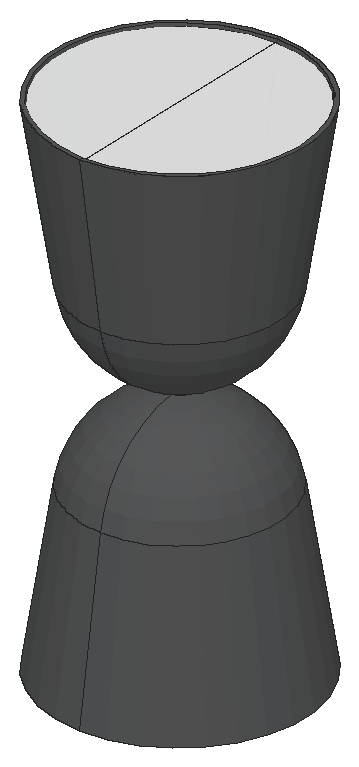
Revit family "Lighting_Other_Zero_Convex_Spotlight", category Lighting Fixtures, host Face, Revit 2018
Family settings
  Host = Face
  Round Connector Dimension = Use Diameter
  Part Type = Normal
  OmniClass Number = 23.80.70.00
  OmniClass Title = Lighting
  Cut with Voids When Loaded = No
  Light Source = Yes
  Shared = No
  Room Calculation Point = No
Parameters (values of type "Convex spotlight LED1325LM/17W HFF medium beam")
  Youtube clip = ""
  Weight Net (Kg) = "1.2"
  Wattage = 8.41513 W
  WarrantyStartDate [instance] = "n/a"
  WarrantyGuarantorParts = "n/a"
  WarrantyGuarantorLabor = "n/a"
  WarrantyDurationUnit = "Year"
  WarrantyDurationParts = "n/a"
  WarrantyDurationLabor = "n/a"
  WarrantyDescription = "n/a"
  built-in parameter 1150110 = 1 (stored number, unit not read)
  VersionDate = "20/12/2021"  # constant formula
  Version = "2"  # constant formula
  UsageCurrent = 0 A
  Uniformat II Description = ""
  Uniformat II Code = ""
  Uniclass2015Reference = "Pr_70_70_48_85"
  Uniclass2015Description = "Surface luminaires"
  Uniclass2 = "Pr_70_70_49"
  Uniclass 2015 Name = ""
  Uniclass 2015 Code = ""
  Uniclass 2.0 Description = ""
  Uniclass 2.0 Code = ""
  Uniclass 1.4 Description = ""
  Uniclass 1.4 Code = ""
  URL = "https://www.zerolighting.com/convexspotlight-inomva"
  UNSPSC Code = ""
  TotalWattage = 17 W
  built-in parameter 1114217 = 1 (stored number, unit not read)
  Tilt Angle = 90.00°
  built-in parameter 1150109 = 1 (stored number, unit not read)
  built-in parameter 1150134 = 3
  Technical description = ""
  TagNumber [instance] = "n/a"
  SustainabilityPerformance = "n/a"
  built-in parameter 1150113 = 1 (stored number, unit not read)
  Size = "124x124x254 mm"
  Shape = "Sculptured"
  SerialNumber [instance] = "n/a"
  Revision = "4"  # constant formula
  ReplacementCost = "n/a"
  Region South America = "None"
  Region Oceania = "AU, NZ"
  Region North America = "BZ, CR, GT, HN, MX, NI, PA, SV, US"
  Region Middle East = "AE"
  Region Europe = "AD, AL, AT, AX, BA, BE, BG, BY, CH, CY, CZ, DE, DK, EE, ES, FI, FO, FR, GB, GG, GI, GR, HR, HU, IE, IM, IS, IT, JE, LI, LT, LU, LV, MC, MD, ME, MK, MT, NL, NO, PL, PT, RO, RS, RU, SE, SI, SJ, SK, SM, UA, VA"
  Region Asia = "HK, JP, SG"
  Region Antarctica = "None"
  Region Africa = "None"
  QR code = "http://bimobject.com/zero/product/Convex_spotlight"
  ProductInformation = "n/a"
  Product url = "https://www.zerolighting.com/ceiling-fixtures#/convex-inomta"
  Product group = "Spotlight"
  Product family = "Convex"
  Product certification = ""
  Product SKU = "Convex_spotlight"
  Product Guid = "4a041621-c4df-4d8d-8e9f-492ac3676069"
  Photometric Web File = "Convex8401-8406_IES.IES"
  PhaseReference = "n/a"
  PhaseAngle = 0.00°
  OmniClass Description = ""
  OmniClass Code = ""
  NumberOfSources = 0
  NumberOfPoles = 1
  Note = "Article numbers change according shade colors.  XX = -01 White, -06 Black, -11 Grey, -12 Green."
  NominalVoltageCalc = 0 V
  NominalVoltage = 230 V
  NominalRadius = 62 mm
  NominalLength = 124 mm
  NominalFrequencyRange = 50 Hz
  NominalDiameter = 124 mm
  NominalCurrent = 0 A
  Nominal width = 124 mm
  Nominal height = 254 mm
  Name = "Zero_Convex_Spotlight"  # constant formula
  NBSReference = "90-60-50/405"
  NBSDescription = "General purpose luminaires"
  NBS Reference Description = ""
  NBS Reference Code = ""
  Model = "Convex spotlight LED1325LM/17W HFF medium beam"
  Material secondary = "Steel"
  Material main = "Aluminium"
  Masterformat 2014 Description = ""
  Masterformat 2014 Code = ""
  Manufacturer name = "ZERO"
  Manufacturer country = "Sweden"
  Manufacturer = "Zero"
  ModelReference = "n/a"
  ModelNumber = "8401-1-XXHFF"
  Material = "Metal"
  ManufacturersSpecificInformation = "n/a"
  ManufacturerURL = "https://www.zerolighting.com/"
  ManufacturerName = "Zero"
  MaintenanceFactor = 0
  built-in parameter 1150105 = 2682.8 (stored number, unit not read)
  Lumens = 1250 lm
  built-in parameter 1150115 = 1 (stored number, unit not read)
  LightFixturePlacingType = "Wall/ceiling"
  LightFixtureMountingType = "Surface"
  LightFixtureMainMaterial [instance] = Black NCS S9000
  built-in parameter 1150137 = (empty or 0)
  built-in parameter 1150139 = (empty or 0)
  LensMaterial = Tempered glass
  built-in parameter 1150112 = 1 (stored number, unit not read)
  built-in parameter 1150114 = 1 (stored number, unit not read)
  InsulationStandardClass = "n/a"
  InstallationDate [instance] = "n/a"
  Installation instructions = ""
  built-in parameter 1150132 = 2
  built-in parameter 1150102 = (empty or 0)
  built-in parameter 1150107 = 3200 (stored number, unit not read)
  built-in parameter 1150138 = (empty or 0)
  built-in parameter 1150106 = 26.828 (stored number, unit not read)
  IfcExportType = "NOTDEFINED"  # constant formula
  IfcExportAs = "IfcLightFixtureType"  # constant formula
  IP_Code = "IP20"
  IFC Classification = ""
  HasProtectiveEarth = no
  Grade = "n/a"
  GTIN code = ""
  Finish = "Painted aluminum"
  Features = "Terminalblock"
  ExpectedLife = "n/a"
  Emit from Circle Diameter = 122 mm
  Emit Shape Visible in Rendering = no
  ElectricalDeviceNominalPower = 0
  built-in parameter 1150104 = 13.8 (stored number, unit not read)
  Edition number = 1
  EANNumber = "n/a"
  DurationUnit = "Year"
  Dimming Lamp Color Temperature Shift = <None>
  Dimming = "Dimmbart DALI alt. SwitchDim/Dimmable DALI or SwitchDim"
  Designer = "Jens Fager"
  Design country = "Sweden"
  Default Elevation = 0 mm
  Date of publishing = ""
  Constituents = "n/a"
  Color Filter = 16777215
  Color = "Various"
  Collection = "Convex"
  CodePerformance = "n/a"
  Category = "Wall"
  COBIe Type Category = ""
  Brand url = "http://www.zero.se"
  Brand = "Zero"
  Barcode [instance] = "n/a"
  built-in parameter 1114218 = 1 (stored number, unit not read)
  BIMobject main category code = "lighting"
  BIMobject main category = "Lighting"
  BIMobject category code = "lighting-other"
  BIMobject category = "Other"
  BIMObjectName = "Lighting_Other_Zero_Convex_Spotlight"  # constant formula
  Author = "BIMstone"  # constant formula
  built-in parameter 1150133 = 10 (stored number, unit not read)
  AssetType = "Fixed"
  AssetIdentifier [instance] = "n/a"
  ArticleNumber = "8401-1-XXHFF"
  AccessibilityPerformance = "n/a"
Types (6, lengths in mm): name | Wattage | Tilt Angle | Photometric Web File | Note | Model | ModelNumber | built-in parameter 1150105 | Lumens | built-in parameter 1150106 | Emit from Circle Diameter | Dimming | ArticleNumber
  Convex spotlight LED1325LM/17W narrow beam | 8.92004 W | 0.00° | "Convex8400-8405_IES.IES" | "" | "Convex spotlight LED1325LM/17W narrow beam" | "8400-1-XX" | 6926.5 (stored number, unit not read) | 1325 lm | 69.265 (stored number, unit not read) | 609.6 | "None" | "8400-1-XX"
  Convex spotlight LED1325LM/17W medium beam | 8.41513 W | 0.00° | "Convex8401-8406_IES.IES" | "Article numbers change according shade colors.  XX = -01 White, -06 Black, -11 Grey, -12 Green." | "Convex spotlight LED1325LM/17W medium beam" | "8401-1-XX" | 2682.8 (stored number, unit not read) | 1250 lm | 26.828 (stored number, unit not read) | 609.6 | "None" | "8401-1-XX"
  Convex spotlight LED1325LM/17W wide beam | 8.81906 W | 0.00° | "Convex8402-8407_IES.IES" | "Article numbers change according shade colors.  XX = -01 White, -06 Black, -11 Grey, -12 Green." | "Convex spotlight LED1325LM/17W wide beam" | "8402-1-XX" | 2309.2 (stored number, unit not read) | 1310 lm | 23.092 (stored number, unit not read) | 609.6 | "None" | "8402-1-XX"
  Convex spotlight LED1325LM/17W HFF wide beam | 8.81906 W | 0.00° | "Convex8402-8407_IES.IES" | "Article numbers change according shade colors.  XX = -01 White, -06 Black, -11 Grey, -12 Green." | "Convex spotlight LED1325LM/17W HFF wide beam" | "8402-1-XXHFF" | 2309.2 (stored number, unit not read) | 1310 lm | 23.092 (stored number, unit not read) | 609.6 | "Dimmbart DALI alt. SwitchDim/Dimmable DALI or SwitchDim" | "8402-1-XXHFF"
  Convex spotlight LED1325LM/17W HFF medium beam | 8.41513 W | 90.00° | "Convex8401-8406_IES.IES" | "Article numbers change according shade colors.  XX = -01 White, -06 Black, -11 Grey, -12 Green." | "Convex spotlight LED1325LM/17W HFF medium beam" | "8401-1-XXHFF" | 2682.8 (stored number, unit not read) | 1250 lm | 26.828 (stored number, unit not read) | 122 | "Dimmbart DALI alt. SwitchDim/Dimmable DALI or SwitchDim" | "8401-1-XXHFF"
  Convex spotlight LED1325LM/17W HFF narrow beam | 8.92004 W | 0.00° | "Convex8400-8405_IES.IES" | "" | "Convex spotlight LED1325LM/17W HFF narrow beam" | "8400-1-XXHFF" | 6926.5 (stored number, unit not read) | 1325 lm | 69.265 (stored number, unit not read) | 609.6 | "Dimmbart DALI alt. SwitchDim/Dimmable DALI or SwitchDim" | "8400-1-XXHFF"
Reference planes
  plane 1 "Center (Front/Back)": y = 0
  plane 2: z = 0
  plane 3 "Center (Left/Right)": x = 0
  plane 4: y = 62
  plane 5: y = -62
  plane 6: x = -62
  plane 7: x = 62
  plane 8: z = 254
Dimensions and locks
  equal spacing: plane 4, plane 1 "Center (Front/Back)", plane 5
  plane 4 to plane 5 = 124 mm
  equal spacing: plane 6, plane 3 "Center (Left/Right)", plane 7
  "NominalLength": plane 6 to plane 7
  plane 8 to host face = 254 mm
  aligned and locked: plane 2 to host face
  aligned and locked: level to host face
Automatic sketch dimensions
  host sketch curve to host sketch curve = 2438.4 mm  (x2)
Nested families
  nested 1: "Convex-spotlight" at (0, 0, 0), Material1 <- "LightFixtureMainMaterial", Material2 <- "LensMaterial", Material3 <- "LightFixtureMainMaterial", type "Convex-spotlight"
    with Material3 Black NCS S9000, Material2 Tempered glass, Material1 Black NCS S9000
Connectors
  electrical at (0, 0, 0), driven by "NominalVoltage"
    settings: on nested 1, index 1, voltage 230 V, apparent load 0 VA, apparent load phase1 0 VA, apparent load phase2 0 VA, apparent load phase3 0 VA, power factor 1, load classification "Other", number of poles 1, system type 31, power factor state 1, is connector primary yes, connector utility no, sub classification motor no, connector description ""
Definition of nested family "Convex-spotlight"
  Parameters (values of type "Convex-spotlight")
    Material3 [instance] = none
    Material2 [instance] = none
    Material1 [instance] = none
  Reference planes
    plane 1 "Center (Front/Back)": y = 0
    plane 2: z = 0
    plane 3 "Center (Left/Right)": x = 0
    plane 4: z = 1039
  Forms (mm)
    Revolve 1, solid, material <- "Material1", detail levels medium+fine
      sketch origin (0, 0, 0) x (0, 1, 0) y (0, 0, 1)
        loop
          line (59.975, 0) -> (62, 0) -> (48.97, 82.268)
          arc (48.97, 82.268) -> (33.899, 110.927) -> (4.5, 124.5) r 50.396
          line (4.5, 124.5) -> (0, 124.5) -> (0, 5) -> (59.183, 5) -> (59.975, 0)
        loop
          line (59.975, 254) -> (46.995, 172.045)
          arc (46.995, 172.045) -> (32.559, 144.559) -> (4.393, 131.5) r 48.396
          line (4.393, 131.5) -> (0, 131.5) -> (0, 129.5) -> (4.5, 129.5)
          arc (4.5, 129.5) -> (33.899, 143.073) -> (48.97, 171.732) r 50.396
          line (48.97, 171.732) -> (62, 254) -> (59.975, 254)
        axis (0, 0) -> (0, 254)
      angle from 0 to 360
    Revolve 2, solid, material <- "Material3", detail levels medium+fine
      sketch origin (0, 0, 0) x (0, 1, 0) y (0, 0, 1)
        loop
          line (4.5, 127.5) -> (4.5, 129.5) -> (0, 129.5) -> (0, 124.5) -> (4.5, 124.5) -> (4.5, 125.5) -> (2.5, 125.5) -> (2.5, 127.5) -> (4.5, 127.5)
        axis (0, 129.5) -> (0, 124.5)
      angle from 0 to 360
    Revolve 3, solid, material <- "Material2", detail levels medium+fine
      sketch origin (0, 0, 0) x (0, 1, 0) y (0, 0, 1)
        loop
          line (0, 252.53) -> (0, 251.53) -> (59.599, 251.53) -> (59.757, 252.53) -> (0, 252.53)
        axis (0, 252.53) -> (0, 251.53)
      angle from 0 to 360
    Extrusion 4, solid, material <- "Material1", detail levels coarse
      sketch origin (0, 0, 0) x (1, 0, 0) y (0, 1, 0)
        loop
          line (62, 62) -> (0, 62) -> (-62, 62) -> (-62, -62) -> (0, -62) -> (62, -62) -> (62, 62)
      from 0 to 254
  Lines and regions (mm)
    symbolic lines, detail levels medium+fine
      curve 1: line (-62, 0, 0) -> (-48.998, 0, 82.089)
      curve 2: arc (-48.998, 0, 82.089) -> (-33.922, 0, 110.82) -> (-4.5, 0, 124.5) r 50.633
      curve 4: line (-4.5, 0, 124.5) -> (-4.5, 0, 125.5)
      curve 5: line (-4.5, 0, 125.5) -> (-2.479, 0, 125.5)
      curve 6: line (-2.479, 0, 125.5) -> (-2.479, 0, 127.5)
      curve 7: line (-4.5, 0, 129.5) -> (-4.5, 0, 127.5)
      curve 8: line (-4.5, 0, 127.5) -> (-2.479, 0, 127.5)
      curve 10: arc (-4.5, 0, 129.5) -> (-33.61, 0, 142.778) -> (-48.887, 0, 170.891) r 50.466
      curve 11: line (-48.887, 0, 170.891) -> (-62.05, 0, 254)
      curve 12: line (62, 0, 0) -> (48.998, 0, 82.089)
      curve 13: arc (48.998, 0, 82.089) -> (33.922, 0, 110.82) -> (4.5, 0, 124.5) r 50.633
      curve 15: line (4.5, 0, 124.5) -> (4.5, 0, 125.5)
      curve 16: line (4.5, 0, 125.5) -> (2.479, 0, 125.5)
      curve 17: line (2.479, 0, 125.5) -> (2.479, 0, 127.5)
      curve 18: line (4.5, 0, 129.5) -> (4.5, 0, 127.5)
      curve 19: line (4.5, 0, 127.5) -> (2.479, 0, 127.5)
      curve 21: arc (4.5, 0, 129.5) -> (33.61, 0, 142.778) -> (48.887, 0, 170.891) r 50.466
      curve 23: line (48.887, 0, 170.891) -> (62.05, 0, 254)
      curve 28: line (-62, 0, 0) -> (0, 0, 0)
      curve 29: line (62, 0, 0) -> (0, 0, 0)
      curve 30: line (62.05, 0, 254) -> (-62.05, 0, 254)
      curve 31: line (0, 62, 254) -> (0, -62, 254)
      curve 32: line (0, 62, 0) -> (0, -62, 0)
      curve 33: line (0, 62, 0) -> (0, 48.703, 83.954)
      curve 34: arc (0, 4.5, 124.5) -> (0, 33.262, 111.487) -> (0, 48.703, 83.954) r 50.573
      curve 35: line (0, 4.5, 124.5) -> (0, 4.5, 125.5)
      curve 36: line (0, 4.5, 125.5) -> (0, 2.5, 125.5)
      curve 37: line (0, 2.5, 125.5) -> (0, 2.5, 127.5)
      curve 38: line (0, 2.5, 127.5) -> (0, 4.5, 127.5)
      curve 39: line (0, 4.5, 127.5) -> (0, 4.5, 129.5)
      curve 40: arc (0, 4.5, 129.5) -> (0, 32.992, 142.05) -> (0, 48.451, 169.074) r 49.766
      curve 41: line (0, 48.451, 169.074) -> (0, 62, 254)
      curve 42: line (0, -62, 0) -> (0, -48.703, 83.954)
      curve 43: arc (0, -4.5, 124.5) -> (0, -33.262, 111.487) -> (0, -48.703, 83.954) r 50.573
      curve 44: line (0, -4.5, 124.5) -> (0, -4.5, 125.5)
      curve 45: line (0, -4.5, 125.5) -> (0, -2.5, 125.5)
      curve 46: line (0, -2.5, 125.5) -> (0, -2.5, 127.5)
      curve 47: line (0, -2.5, 127.5) -> (0, -4.5, 127.5)
      curve 48: line (0, -4.5, 127.5) -> (0, -4.5, 129.5)
      curve 49: arc (0, -4.5, 129.5) -> (0, -32.992, 142.05) -> (0, -48.451, 169.074) r 49.766
      curve 50: line (0, -48.451, 169.074) -> (0, -62, 254)
      curve 55: circle (0, 0, 0) r 62 normal (0, 0, 1)
    symbolic lines, detail levels fine
      curve 3: line (-4.5, 0, 124.5) -> (0, 0, 124.5)
      curve 9: line (-4.5, 0, 129.5) -> (0, 0, 129.5)
      curve 14: line (4.5, 0, 124.5) -> (0, 0, 124.5)
      curve 20: line (4.5, 0, 129.5) -> (0, 0, 129.5)
      curve 24: line (2.479, 0, 127.5) -> (0, 0, 127.5)
      curve 25: line (-2.479, 0, 127.5) -> (0, 0, 127.5)
      curve 26: line (-2.479, 0, 125.5) -> (0, 0, 125.5)
      curve 27: line (2.479, 0, 125.5) -> (0, 0, 125.5)
      curve 51: line (0, 4.5, 124.5) -> (0, -4.5, 124.5)
      curve 52: line (0, 2.5, 125.5) -> (0, -2.5, 125.5)
      curve 53: line (0, 2.5, 127.5) -> (0, -2.5, 127.5)
      curve 54: line (0, 4.5, 129.5) -> (0, -4.5, 129.5)
      curve 56: circle (0, 0, 0) r 59.8 normal (0, 0, 1)
    symbolic lines
      curve 22: line (0, 0, 254) -> (62.05, 0, 254)
  Dimensions and locks
    aligned and locked: level to plane 2
